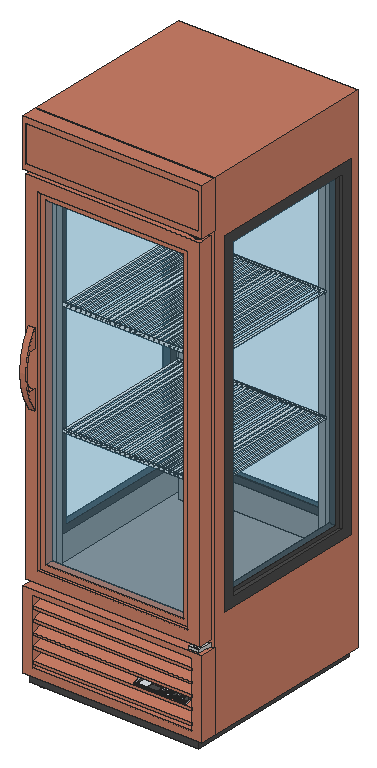
Revit family "QF_TRUE_G4SM-23FC-HC~TSL01", category Specialty Equipment, Revit 2016
Family settings
  Part Type = Normal
  Round Connector Dimension = Use Diameter
  Work Plane-Based = No
  Always vertical = Yes
  Cut with Voids When Loaded = No
  Shared = Yes
  Room Calculation Point = No
Parameters (values of type "G4SM-23FC-HC-TSL01")
  Weight in Pounds = 375
  Watts = Volts * FL Amps  # 621 W
  Volts = 115 V
  URL Cutsheet = ""
  URL = ""
  Type Comments = ""
  Specification by User = ""
  Specification by Manufacturer = ""
  Show Logo [instance] = yes
  Show Default Legs [instance] = if(or(Show 6 Inches Standard Legs, Show 2.5 Inches Castors), or(Show 4 Inches Castors, and(Show 6 Inches Standard Legs, Show 2.5 Inches Castors), and(Show 2.5 Inches Castors, Show 6 Inches Seismic Flanged Legs)), if(Show 4 Inches Castors, Show 6 Inches Seismic Flanged Legs, not(Show 6 Inches Seismic Flanged Legs)))  # yes
  Show Clearance [instance] = yes
  Show 6 Inches Standard Legs [instance] = no
  Show 6 Inches Seismic Flanged Legs [instance] = no
  Show 4 Inches Castors [instance] = no
  Show 2.5 Inches Castors [instance] = no
  Serial Number = ""
  Seismic Rating = ""
  SMACNA No = ""
  Revision Code = ""
  Phase = 1
  Number of Poles = 1
  NAFEM Spec ID Number = ""
  Model = "G4SM-23FC-HC~TSL01"
  Min Ckt Ampacity = 0 A
  Max Overcurrent Protection = 0 A
  Materials and Finishes [instance] = QF_Aluminum-Copper
  Masterspec = ""
  Manufacturer = "TRUE"
  Length = 27 1/2"
  Item Number = ""
  Installed By = ""
  Identify Quantity as Lot = yes
  Height [instance] = Body Height + Base Height  # 78 5/8"
  HP = "1/3"
  Furnished By = ""
  Foodservice Equipment Identifier = yes
  FL Amps = 5.4 A
  Electrical Remarks = ""
  Electric Connection Type = ""
  Elec Conn RI Height = 0"
  Elec Conn Connection Height = 0"
  Description = "SWING DOOR REFRIGERATOR WITH HYDROCARBON REFRIGERANT-TRUE STANDARD LOOK VERSION 01"
  Depth = 30 1/8"
  Cycle = 60 Hz
  Conn Plug = "NEMA 5-15P"
  Conn Conduit = yes
  CSI MasterFormat = ""
  Body Height [instance] = 78 5/16"  # constant formula
  Base Height [instance] = if(Show Default Legs, 5/16", if(Show 2.5 Inches Castors, 2 1/2", if(Show 6 Inches Standard Legs, 6", if(Show 4 Inches Castors, 4", if(Show 6 Inches Seismic Flanged Legs, 6", 5" / 16)))))  # 5/16"
  Apparent Power = 0 VA
  6 Inches Standard Legs [instance] = and(Show 6 Inches Standard Legs, not(Show Default Legs))  # no
  6 Inches Seismic Flanged Legs [instance] = and(Show 6 Inches Seismic Flanged Legs, not(Show Default Legs))  # no
  4 Inches Castors [instance] = and(Show 4 Inches Castors, not(Show Default Legs))  # no
  2.5 Inches Casters [instance] = and(Show 2.5 Inches Castors, not(Show Default Legs))  # no
Reference planes (in)
  plane 1 "BACK": y = 0.28125
  plane 2: z = 0
  plane 3 "LEFT": x = -0.5
  plane 4 "RIGHT": x = 27
  plane 5 "FRONT": y = -31.46875
  plane 6 "Top": z = 78.625
  plane 7: z = 0.3125
  plane 8: y = -15.59375
  plane 9: x = 13.25
Dimensions and locks (in)
  plane 1 "BACK" to plane 5 "FRONT" = 31 3/4"
  plane 5 "FRONT" to plane 1 "BACK" = 31 3/4"
  "Base Height": plane 7 to level
  "Depth": nested 1 to plane 1 "BACK"
  "Length": plane 3 "LEFT" to plane 4 "RIGHT"
  "Body Height": plane 6 "Top" to plane 7
  nested 1 to plane 7 = 1 3/8"
  equal spacing: plane 5 "FRONT", plane 8, plane 1 "BACK"
  equal spacing: plane 3 "LEFT", plane 9, plane 4 "RIGHT"
  plane 6 "Top" to level = 78 5/8"
  aligned and locked: level to plane 2
  aligned and locked: plane 4 "RIGHT" to nested 1
  aligned and locked: nested 1 to plane 7
Nested families (in)
  nested 1: "G4SM-23FC-HC-TSL01" at (-0.5, -6.5, 0), Show Logo <- "Show Logo", Show Default Legs <- "Show Default Legs", Show Clearance <- "Show Clearance", Materials and Finishes <- "Materials and Finishes", type "G4SM-23FC-HC-TSL01"
    with Type Mark "1", Specification by User "", Show Logo yes, Show Default Legs yes, Show Clearance yes, Revision Code "", Materials and Finishes QF_Aluminum-Copper, Item Number "", Installed By "", Identify Quantity as Lot yes, Furnished By "", Foodservice Equipment Identifier yes
  nested 2: "CASTER-LEGS" at (2.25, -2.25, 0), Show Siesmic Flanged <- "Show 6 Inches Seismic Flanged Legs", Show 6 Inches Legs <- "Show 6 Inches Standard Legs", Show 2.5 Casters <- "Show 2.5 Inches Castors", Show 4" Casters <- "Show 4 Inches Castors", type "CASTER-LEGS"
    with Type Mark "", Status "", Specification by User "", Show Siesmic Flanged no, Show 6 Inches Legs no, Show 4" Casters no, Show 2.5 Casters no, Revision Code "", Low Profile yes, Item Number "", Installed By "", Identify Quantity as Lot yes, Furnished By "", Foodservice Equipment Identifier yes
  nested 3: "CASTER-LEGS" at (24.25, -2.25, 0), Show Siesmic Flanged <- "Show 6 Inches Seismic Flanged Legs", Show 6 Inches Legs <- "Show 6 Inches Standard Legs", Show 2.5 Casters <- "Show 2.5 Inches Castors", Show 4" Casters <- "Show 4 Inches Castors", type "CASTER-LEGS"
    with Type Mark "", Status "", Specification by User "", Show Siesmic Flanged no, Show 6 Inches Legs no, Show 4" Casters no, Show 2.5 Casters no, Revision Code "", Low Profile yes, Item Number "", Installed By "", Identify Quantity as Lot yes, Furnished By "", Foodservice Equipment Identifier yes
  nested 4: "CASTER-LEGS" at (24.25, -27.11908, 0), Show Siesmic Flanged <- "Show 6 Inches Seismic Flanged Legs", Show 6 Inches Legs <- "Show 6 Inches Standard Legs", Show 2.5 Casters <- "2.5 Inches Casters", Show 4" Casters <- "Show 4 Inches Castors", type "CASTER-LEGS"
    with Type Mark "", Status "", Specification by User "", Show Siesmic Flanged no, Show 6 Inches Legs no, Show 4" Casters no, Show 2.5 Casters no, Revision Code "", Low Profile yes, Item Number "", Installed By "", Identify Quantity as Lot yes, Furnished By "", Foodservice Equipment Identifier yes
  nested 5: "CASTER-LEGS" at (2.25, -27.11908, 0), Show Siesmic Flanged <- "6 Inches Seismic Flanged Legs", Show 6 Inches Legs <- "6 Inches Standard Legs", Show 2.5 Casters <- "Show 2.5 Inches Castors", Show 4" Casters <- "4 Inches Castors", type "CASTER-LEGS"
    with Type Mark "", Status "", Specification by User "", Show Siesmic Flanged no, Show 6 Inches Legs no, Show 4" Casters no, Show 2.5 Casters no, Revision Code "", Low Profile yes, Item Number "", Installed By "", Identify Quantity as Lot yes, Furnished By "", Foodservice Equipment Identifier yes
Connectors (in)
  electrical at (18.5, 0.34375, 6)
    settings: on nested 1, index 1, voltage 0 V, apparent load 0 VA, apparent load phase1 0 VA, apparent load phase2 0 VA, apparent load phase3 0 VA, power factor 1, load classification "Other", number of poles 1, system type 30, power factor state 1, is connector primary yes, connector utility no, sub classification motor no, connector description "Electrical Connection"
Definition of nested family "G4SM-23FC-HC-TSL01"
  Parameters (values of type "G4SM-23FC-HC-TSL01")
    URL = ""
    Type Mark [instance] = ""
    Type Comments = ""
    Specification by User [instance] = ""
    Specification by Manufacturer = ""
    Show Logo [instance] = yes
    Show Default Legs [instance] = yes
    Show Clearance [instance] = yes
    Serial Number = ""
    Seismic Rating = ""
    SMACNA No = ""
    Revision Code [instance] = ""
    Omniclass Number and Title = ""
    NAFEM Spec ID Number = ""
    Model = ""
    Materials and Finishes [instance] = none
    MasterSpec. = ""
    Manufacturer = ""
    Item Number [instance] = ""
    Installed By [instance] = ""
    Identify Quantity as Lot [instance] = yes
    Furnished By [instance] = ""
    Foodservice Equipment Identifier [instance] = yes
    Description = ""
    CSI MasterFormat = ""
    CSI Master Format = ""
    Assembly Code = ""
  Reference planes (in)
    plane 1 "BACK": y = 6.78125
    plane 2: z = 0
    plane 3 "LEFT": x = 0
    plane 4 "RIGHT": x = 27.5
    plane 5 "FRONT": y = -24.96875
    plane 6 "Top": z = 78.625
    plane 7: z = 2.1875
    plane 8: y = -23.34375
    plane 9: y = -33.92295
    plane 10: z = 49.9783
    plane 11: z = 38.44379
    plane 12: y = -8.28125
    plane 13: z = 68.91173
    plane 14: z = 16.5625
    plane 15: z = 34.01217
    plane 16: z = 51.46206
    plane 17: x = 13.75
    plane 18: x = 13.75
    plane 19: x = 13.75
    plane 20: x = 13.75
    plane 21: x = 13.75
    plane 22: x = 13.75
    plane 23: y = -48.34375
    plane 24: x = 13.75
  Forms (in)
    Extrusion 1, solid, material <- "Materials and Finishes"
      sketch origin (0, 0, 0) x (1, 0, 0) y (0, 0, 1)
        loop
          line (0, 78.625) -> (0, 1.6875) -> (27.5, 1.6875) -> (27.5, 78.625) -> (0, 78.625)
        loop
          line (1.3125, 70.66173) -> (1.3125, 14.8125) -> (26.1875, 14.8125) -> (26.1875, 70.66173) -> (1.3125, 70.66173)
      from -6.78125 to 20.84375
    Extrusion 2, solid
      sketch origin (0, -24.40625, 0) x (1, 0, 0) y (0, 0, 1)
        loop
          line (0.5, 1.6875) -> (0.5, 0.3125) -> (26.5, 0.3125) -> (26.5, 1.6875) -> (0.5, 1.6875)
      from -30.65625 to -1.7825
    Extrusion 3, void
      sketch origin (0, 0, 2.9375) x (0, 0, -1) y (0, 1, 0)
        loop
          line (-65.97423, -18.03125) -> (-15.97423, -18.03125) -> (-15.97423, 4.25) -> (-65.97423, 4.25) -> (-65.97423, -18.03125)
      from 0 to 27.5
    Sweep 4, solid
      path in 3D
        loop
          line (1.3125, 4.25, 18.91173) -> (1.3125, 4.25, 68.91173) -> (1.3125, -18.03125, 68.91173) -> (1.3125, -18.03125, 18.91173) -> (1.3125, 4.25, 18.91173)
      profile origin (1.3125, -6.89062, 18.91173) x (-1, 0, 0) y (0, 0, 1)
        loop
          line (-0.1875, 0) -> (1.3125, 0) -> (1.3125, -1) -> (1.4375, -1) -> (1.4375, 0.5) -> (0.8125, 0.5) -> (0.8125, 1) -> (-0.1875, 1) -> (-0.1875, 0)
    Extrusion 5, solid
      sketch origin (0, 0, 0) x (1, 0, 0) y (0, 1, 0)
        loop
          line (2.49362, 4.53443) -> (2.49362, 3.53443) -> (3.49362, 3.53443) -> (3.49362, 4.53443) -> (2.49362, 4.53443)
        loop
          line (25.17826, 4.53443) -> (24.17826, 4.53443) -> (24.17826, 3.53443) -> (25.17826, 3.53443) -> (25.17826, 4.53443)
        loop
          line (1.3125, -19.69067) -> (2.3125, -19.69067) -> (2.3125, -18.69067) -> (1.3125, -18.69067) -> (1.3125, -19.69067)
        loop
          line (26.1875, -19.69067) -> (26.1875, -18.69067) -> (25.1875, -18.69067) -> (25.1875, -19.69067) -> (26.1875, -19.69067)
      from 14.8125 to 70.66173
    Extrusion 6, solid
      sketch origin (0, 0, 2.9375) x (0, 0, 1) y (0, 1, 0)
        loop
          line (64.97423, 3.25) -> (16.97423, 3.25) -> (16.97423, -17.03125) -> (64.97423, -17.03125) -> (64.97423, 3.25)
      from -1.5 to -0.5
    Extrusion 7, solid
      sketch origin (0, 6.78125, 0) x (-1, 0, 0) y (0, 0, 1)
        loop
          line (-22.6875, 67.91173) -> (-22.6875, 19.91173) -> (-4.8125, 19.91173) -> (-4.8125, 67.91173) -> (-22.6875, 67.91173)
      from -1.3125 to -0.5
    Extrusion 8, solid, material <- "Materials and Finishes"
      sketch origin (0, 7.03125, 0) x (1, 0, 0) y (0, 0, 1)
        loop
          line (1.3125, 70.66173) -> (1.3125, 14.8125) -> (26.1875, 14.8125) -> (26.1875, 70.66173) -> (1.3125, 70.66173)
        loop
          line (3.8125, 68.91173) -> (3.8125, 18.91173) -> (23.6875, 18.91173) -> (23.6875, 68.91173) -> (3.8125, 68.91173)
      from 0.25 to 1.5625
    Sweep 9, solid
      path in 3D
        loop
          line (3.8125, 5.46875, 18.91173) -> (3.8125, 5.46875, 68.91173) -> (23.6875, 5.46875, 68.91173) -> (23.6875, 5.46875, 18.91173) -> (3.8125, 5.46875, 18.91173)
      profile origin (13.75, 5.46875, 18.91173) x (0, -1, 0) y (0, 0, 1)
        loop
          line (0.1875, 0) -> (0.1875, 1) -> (-0.8125, 1) -> (-0.8125, 0.5) -> (-1.4375, 0.5) -> (-1.4375, -1) -> (-1.3125, -1) -> (-1.3125, 0) -> (0.1875, 0)
    Sweep 10, solid
      path in 3D
        loop
          line (26.1875, 4.25, 18.91173) -> (26.1875, 4.25, 68.91173) -> (26.1875, -18.03125, 68.91173) -> (26.1875, -18.03125, 18.91173) -> (26.1875, 4.25, 18.91173)
      profile origin (26.1875, -6.89062, 18.91173) x (-1, 0, 0) y (0, 0, 1)
        loop
          line (0.1875, 0) -> (0.1875, 1) -> (-0.8125, 1) -> (-0.8125, 0.5) -> (-1.4375, 0.5) -> (-1.4375, -1) -> (-1.3125, -1) -> (-1.3125, 0) -> (0.1875, 0)
    Extrusion 11, solid
      sketch origin (28, 0, 2.9375) x (0, 0, 1) y (0, -1, 0)
        loop
          line (64.97423, -3.25) -> (64.97423, 17.03125) -> (16.97423, 17.03125) -> (16.97423, -3.25) -> (64.97423, -3.25)
      from -2 to -1
    Extrusion 12, solid, material <- "Materials and Finishes"
      sketch origin (65.75, 6.84375, -53.3125) x (-1, 0, 0) y (0, 0, -1)
        loop
          circle (52, -61.03125) r 0.25
      from 0 to 0.0625
    Extrusion 13, solid, material <- "Materials and Finishes"
      sketch origin (0, -20.84375, 0) x (1, 0, 0) y (0, 0, 1)
        loop
          line (27.5, 13.75) -> (0, 13.75) -> (0, 1.6875) -> (27.5, 1.6875) -> (27.5, 13.75)
        loop
          line (1.5, 13) -> (1.5, 2.9375) -> (26, 2.9375) -> (26, 13) -> (1.5, 13)
        loop
          line (0.375, 72.12512) -> (27.125, 72.12512) -> (27.125, 77.875) -> (0.375, 77.875) -> (0.375, 72.12512)
        loop
          line (27.5, 78.625) -> (0, 78.625) -> (0, 71.37512) -> (27.5, 71.37512) -> (27.5, 78.625)
      from 0 to 2.5
    Extrusion 14, solid, visible <- "Show Clearance", detail levels coarse
      sketch origin (21.9932, -38.38414, 0) x (-1, 0, 0) y (0, -1, 0)
        loop
          arc (21.6179, -15.16539) -> (13.23004, 2.70658) -> (-5.1318, 9.95961) r 26.7538
          line (-5.1318, 9.95961) -> (-5.1318, -15.16539) -> (21.6179, -15.16539)
      from 14.8125 to 70.66173
    Extrusion 15, solid, material <- "Materials and Finishes"
      sketch origin (0, -0.21875, 1.875) x (0, 1, 0) y (0, 0, 1)
        loop
          line (-20.625, 2.56553) -> (-20.625, 10.52178) -> (-23.125, 9.6407) -> (-23.125, 9.25512) -> (-21.16746, 9.94502) -> (-21.16746, 8.49996) -> (-23.125, 7.81006) -> (-23.125, 7.42448) -> (-21.16746, 8.11439) -> (-21.16746, 6.66933) -> (-23.125, 5.97943) -> (-23.125, 5.59385) -> (-21.16746, 6.28375) -> (-21.16746, 4.83869) -> (-23.125, 4.14879) -> (-23.125, 3.76321) -> (-21.16746, 4.45312) -> (-21.16746, 2.75993) -> (-23.125, 2.07003) -> (-23.125, 1.68445) -> (-20.625, 2.56553)
      from 1.5 to 26
    Extrusion 16, solid, material <- "Materials and Finishes"
      sketch origin (-25.125, 10.53125, -0.71875) x (1, 0, 0) y (0, 0, 1)
        loop
          line (25.5, 71.38048) -> (25.5, 15.53125) -> (52.25, 15.53125) -> (52.25, 71.38048) -> (25.5, 71.38048)
        loop
          line (27.25, 69.63048) -> (27.25, 17.28125) -> (50.5, 17.28125) -> (50.5, 69.63048) -> (27.25, 69.63048)
      from 31.641 to 33.75
    Extrusion 17, solid
      sketch origin (0, -0.09473, 0) x (1, 0, 0) y (0, 0, 1)
        loop
          line (3.125, 17.5625) -> (24.375, 17.5625) -> (24.375, 67.91173) -> (3.125, 67.91173) -> (3.125, 17.5625)
      from 21.62954 to 22.68087
    Extrusion 18, solid, material <- "Materials and Finishes"
      sketch origin (-25.125, -23.21875, -0.71875) x (1, 0, 0) y (0, 0, 1)
        loop
          line (27.25, 69.63048) -> (27.25, 17.28125) -> (50.5, 17.28125) -> (50.5, 69.63048) -> (27.25, 69.63048)
        loop
          line (28.25, 68.63048) -> (28.25, 18.28125) -> (49.5, 18.28125) -> (49.5, 68.63048) -> (28.25, 68.63048)
      from -1.49448 to -0.44315
    Extrusion 19, solid
      sketch origin (2.39022, -0.03125, 7.37512) x (1, 0, 0) y (0, 1, 0)
        loop
          line (23.02382, -20.8125) -> (23.02382, -22.88338) -> (24.4375, -22.88338) -> (24.4375, -20.8125) -> (23.02382, -20.8125)
      from 63.59911 to 64
    Extrusion 20, solid
      sketch origin (2.39022, -0.10938, 58.46661) x (1, 0, 0) y (0, 1, 0)
        loop
          circle (23.79728, -22.15971) r 0.5
      from 12.19512 to 12.50762
    Extrusion 21, solid
      sketch origin (2.39022, -0.21875, 2.4375) x (0, 1, 0) y (0, 0, 1)
        loop
          line (-20.79736, 11.3125) -> (-20.79736, 11.88262) -> (-23.04736, 11.88262) -> (-23.04736, 11.47736) -> (-21.29736, 11.47736) -> (-21.29736, 11.3125) -> (-20.79736, 11.3125)
      from 23.06646 to 24.65563
    Extrusion 22, solid
      sketch origin (2.39022, -0.21875, 2.4375) x (1, 0, 0) y (0, 1, 0)
        loop
          circle (23.79728, -22.15971) r 0.5
      from 11.88262 to 12.375
    Extrusion 23, solid, material <- "Materials and Finishes"
      sketch origin (0.82942, -180, 49.9783) x (0, 0, -1) y (0, -1, 0)
        loop
          line (0, -156.78125) -> (3, -156.78125) -> (3, -155.6661)
          arc (3, -155.6661) -> (5.76725, -155.28061) -> (8.53451, -155.6661) r 10.12503
          line (8.53451, -155.6661) -> (8.53451, -156.78125) -> (11.53451, -156.78125)
          arc (11.53451, -156.78125) -> (5.76725, -155.03061) -> (0, -156.78125) r 10.37503
      from 0 to -0.84676
    Extrusion 24, solid, visible <- "Show Default Legs"
      sketch origin (0, 0, 0) x (1, 0, 0) y (0, 1, 0)
        loop
          circle (2.00942, 4.93788) r 0.75
        loop
          circle (24.99058, 4.93788) r 0.75
        loop
          circle (2.00942, -21.50038) r 0.75
        loop
          circle (24.99058, -21.50038) r 0.75
      from 0 to 0.3125
    Extrusion 25, solid, not visible
      sketch origin (26.1875, -18.69067, 38.44379) x (-1, 0, 0) y (0, 0, -1)
        loop
          line (23.875, 0.5) -> (1.00924, 0.5) -> (1.00924, 0) -> (23.875, 0) -> (23.875, 0.5)
        loop
          line (12.71602, 0.14812) -> (12.71602, 0.35188) -> (12.15898, 0.35188) -> (12.15898, 0.14812) -> (12.71602, 0.14812)
        loop
          line (13.46602, 0.14812) -> (13.46602, 0.35188) -> (12.90898, 0.35188) -> (12.90898, 0.14812) -> (13.46602, 0.14812)
        loop
          line (14.21602, 0.14812) -> (14.21602, 0.35188) -> (13.65898, 0.35188) -> (13.65898, 0.14812) -> (14.21602, 0.14812)
        loop
          line (14.96602, 0.14812) -> (14.96602, 0.35188) -> (14.40898, 0.35188) -> (14.40898, 0.14812) -> (14.96602, 0.14812)
        loop
          line (15.71602, 0.14812) -> (15.71602, 0.35188) -> (15.15898, 0.35188) -> (15.15898, 0.14812) -> (15.71602, 0.14812)
        loop
          line (16.46602, 0.14812) -> (16.46602, 0.35188) -> (15.90898, 0.35188) -> (15.90898, 0.14812) -> (16.46602, 0.14812)
        loop
          line (17.21602, 0.14812) -> (17.21602, 0.35188) -> (16.65898, 0.35188) -> (16.65898, 0.14812) -> (17.21602, 0.14812)
        loop
          line (17.96602, 0.14812) -> (17.96602, 0.35188) -> (17.40898, 0.35188) -> (17.40898, 0.14812) -> (17.96602, 0.14812)
        loop
          line (18.71602, 0.14812) -> (18.71602, 0.35188) -> (18.15898, 0.35188) -> (18.15898, 0.14812) -> (18.71602, 0.14812)
        loop
          line (19.46602, 0.14812) -> (19.46602, 0.35188) -> (18.90898, 0.35188) -> (18.90898, 0.14812) -> (19.46602, 0.14812)
        loop
          line (20.21602, 0.14812) -> (20.21602, 0.35188) -> (19.65898, 0.35188) -> (19.65898, 0.14812) -> (20.21602, 0.14812)
        loop
          line (20.96602, 0.14812) -> (20.96602, 0.35188) -> (20.40898, 0.35188) -> (20.40898, 0.14812) -> (20.96602, 0.14812)
        loop
          line (21.71602, 0.14812) -> (21.71602, 0.35188) -> (21.15898, 0.35188) -> (21.15898, 0.14812) -> (21.71602, 0.14812)
        loop
          line (22.46602, 0.14812) -> (22.46602, 0.35188) -> (21.90898, 0.35188) -> (21.90898, 0.14812) -> (22.46602, 0.14812)
        loop
          line (23.21602, 0.14812) -> (23.21602, 0.35188) -> (22.65898, 0.35188) -> (22.65898, 0.14812) -> (23.21602, 0.14812)
        loop
          line (11.40898, 0.14812) -> (11.96602, 0.14812) -> (11.96602, 0.35188) -> (11.40898, 0.35188) -> (11.40898, 0.14812)
        loop
          line (10.65898, 0.14812) -> (11.21602, 0.14812) -> (11.21602, 0.35188) -> (10.65898, 0.35188) -> (10.65898, 0.14812)
        loop
          line (9.90898, 0.14812) -> (10.46602, 0.14812) -> (10.46602, 0.35188) -> (9.90898, 0.35188) -> (9.90898, 0.14812)
        loop
          line (9.15898, 0.14812) -> (9.71602, 0.14812) -> (9.71602, 0.35188) -> (9.15898, 0.35188) -> (9.15898, 0.14812)
        loop
          line (8.40898, 0.14812) -> (8.96602, 0.14812) -> (8.96602, 0.35188) -> (8.40898, 0.35188) -> (8.40898, 0.14812)
        loop
          line (7.65898, 0.14812) -> (8.21602, 0.14812) -> (8.21602, 0.35188) -> (7.65898, 0.35188) -> (7.65898, 0.14812)
        loop
          line (6.90898, 0.14812) -> (7.46602, 0.14812) -> (7.46602, 0.35188) -> (6.90898, 0.35188) -> (6.90898, 0.14812)
        loop
          line (6.15898, 0.14812) -> (6.71602, 0.14812) -> (6.71602, 0.35188) -> (6.15898, 0.35188) -> (6.15898, 0.14812)
        loop
          line (5.40898, 0.14812) -> (5.96602, 0.14812) -> (5.96602, 0.35188) -> (5.40898, 0.35188) -> (5.40898, 0.14812)
        loop
          line (4.65898, 0.14812) -> (5.21602, 0.14812) -> (5.21602, 0.35188) -> (4.65898, 0.35188) -> (4.65898, 0.14812)
        loop
          line (3.90898, 0.14812) -> (4.46602, 0.14812) -> (4.46602, 0.35188) -> (3.90898, 0.35188) -> (3.90898, 0.14812)
        loop
          line (3.15898, 0.14812) -> (3.71602, 0.14812) -> (3.71602, 0.35188) -> (3.15898, 0.35188) -> (3.15898, 0.14812)
        loop
          line (2.40898, 0.14812) -> (2.96602, 0.14812) -> (2.96602, 0.35188) -> (2.40898, 0.35188) -> (2.40898, 0.14812)
        loop
          line (1.65898, 0.14812) -> (2.21602, 0.14812) -> (2.21602, 0.35188) -> (1.65898, 0.35188) -> (1.65898, 0.14812)
      from 0 to -0.125
    Extrusion 26, solid, not visible
      sketch origin (26.1875, 3.53443, 38.44379) x (-1, 0, 0) y (0, 0, 1)
        loop
          line (23.875, -0.5) -> (23.875, 0) -> (1.00924, 0) -> (1.00924, -0.5) -> (23.875, -0.5)
        loop
          line (12.71602, -0.14812) -> (12.15898, -0.14812) -> (12.15898, -0.35188) -> (12.71602, -0.35188) -> (12.71602, -0.14812)
        loop
          line (13.46602, -0.14812) -> (12.90898, -0.14812) -> (12.90898, -0.35188) -> (13.46602, -0.35188) -> (13.46602, -0.14812)
        loop
          line (14.21602, -0.14812) -> (13.65898, -0.14812) -> (13.65898, -0.35188) -> (14.21602, -0.35188) -> (14.21602, -0.14812)
        loop
          line (14.96602, -0.14812) -> (14.40898, -0.14812) -> (14.40898, -0.35188) -> (14.96602, -0.35188) -> (14.96602, -0.14812)
        loop
          line (15.71602, -0.14812) -> (15.15898, -0.14812) -> (15.15898, -0.35188) -> (15.71602, -0.35188) -> (15.71602, -0.14812)
        loop
          line (16.46602, -0.14812) -> (15.90898, -0.14812) -> (15.90898, -0.35188) -> (16.46602, -0.35188) -> (16.46602, -0.14812)
        loop
          line (17.21602, -0.14812) -> (16.65898, -0.14812) -> (16.65898, -0.35188) -> (17.21602, -0.35188) -> (17.21602, -0.14812)
        loop
          line (17.96602, -0.14812) -> (17.40898, -0.14812) -> (17.40898, -0.35188) -> (17.96602, -0.35188) -> (17.96602, -0.14812)
        loop
          line (18.71602, -0.14812) -> (18.15898, -0.14812) -> (18.15898, -0.35188) -> (18.71602, -0.35188) -> (18.71602, -0.14812)
        loop
          line (19.46602, -0.14812) -> (18.90898, -0.14812) -> (18.90898, -0.35188) -> (19.46602, -0.35188) -> (19.46602, -0.14812)
        loop
          line (20.21602, -0.14812) -> (19.65898, -0.14812) -> (19.65898, -0.35188) -> (20.21602, -0.35188) -> (20.21602, -0.14812)
        loop
          line (20.96602, -0.14812) -> (20.40898, -0.14812) -> (20.40898, -0.35188) -> (20.96602, -0.35188) -> (20.96602, -0.14812)
        loop
          line (21.71602, -0.14812) -> (21.15898, -0.14812) -> (21.15898, -0.35188) -> (21.71602, -0.35188) -> (21.71602, -0.14812)
        loop
          line (22.46602, -0.14812) -> (21.90898, -0.14812) -> (21.90898, -0.35188) -> (22.46602, -0.35188) -> (22.46602, -0.14812)
        loop
          line (23.21602, -0.14812) -> (22.65898, -0.14812) -> (22.65898, -0.35188) -> (23.21602, -0.35188) -> (23.21602, -0.14812)
        loop
          line (11.40898, -0.14812) -> (11.40898, -0.35188) -> (11.96602, -0.35188) -> (11.96602, -0.14812) -> (11.40898, -0.14812)
        loop
          line (10.65898, -0.14812) -> (10.65898, -0.35188) -> (11.21602, -0.35188) -> (11.21602, -0.14812) -> (10.65898, -0.14812)
        loop
          line (9.90898, -0.14812) -> (9.90898, -0.35188) -> (10.46602, -0.35188) -> (10.46602, -0.14812) -> (9.90898, -0.14812)
        loop
          line (9.15898, -0.14812) -> (9.15898, -0.35188) -> (9.71602, -0.35188) -> (9.71602, -0.14812) -> (9.15898, -0.14812)
        loop
          line (8.40898, -0.14812) -> (8.40898, -0.35188) -> (8.96602, -0.35188) -> (8.96602, -0.14812) -> (8.40898, -0.14812)
        loop
          line (7.65898, -0.14812) -> (7.65898, -0.35188) -> (8.21602, -0.35188) -> (8.21602, -0.14812) -> (7.65898, -0.14812)
        loop
          line (6.90898, -0.14812) -> (6.90898, -0.35188) -> (7.46602, -0.35188) -> (7.46602, -0.14812) -> (6.90898, -0.14812)
        loop
          line (6.15898, -0.14812) -> (6.15898, -0.35188) -> (6.71602, -0.35188) -> (6.71602, -0.14812) -> (6.15898, -0.14812)
        loop
          line (5.40898, -0.14812) -> (5.40898, -0.35188) -> (5.96602, -0.35188) -> (5.96602, -0.14812) -> (5.40898, -0.14812)
        loop
          line (4.65898, -0.14812) -> (4.65898, -0.35188) -> (5.21602, -0.35188) -> (5.21602, -0.14812) -> (4.65898, -0.14812)
        loop
          line (3.90898, -0.14812) -> (3.90898, -0.35188) -> (4.46602, -0.35188) -> (4.46602, -0.14812) -> (3.90898, -0.14812)
        loop
          line (3.15898, -0.14812) -> (3.15898, -0.35188) -> (3.71602, -0.35188) -> (3.71602, -0.14812) -> (3.15898, -0.14812)
        loop
          line (2.40898, -0.14812) -> (2.40898, -0.35188) -> (2.96602, -0.35188) -> (2.96602, -0.14812) -> (2.40898, -0.14812)
        loop
          line (1.65898, -0.14812) -> (1.65898, -0.35188) -> (2.21602, -0.35188) -> (2.21602, -0.14812) -> (1.65898, -0.14812)
      from 0 to -0.125
    Extrusion 27, solid, not visible
      sketch origin (26.1875, -18.56567, 38.44379) x (1, 0, 0) y (0, 0, -1)
        loop
          circle (-12.44212, 0.375) r 0.125
        loop
          circle (-13.19212, 0.375) r 0.125
        loop
          circle (-13.94212, 0.375) r 0.125
        loop
          circle (-14.69212, 0.375) r 0.125
        loop
          circle (-15.44212, 0.375) r 0.125
        loop
          circle (-16.19212, 0.375) r 0.125
        loop
          circle (-16.94212, 0.375) r 0.125
        loop
          circle (-17.69212, 0.375) r 0.125
        loop
          circle (-18.44212, 0.375) r 0.125
        loop
          circle (-19.19212, 0.375) r 0.125
        loop
          circle (-19.94212, 0.375) r 0.125
        loop
          circle (-20.69212, 0.375) r 0.125
        loop
          circle (-21.44212, 0.375) r 0.125
        loop
          circle (-22.19212, 0.375) r 0.125
        loop
          circle (-22.94212, 0.375) r 0.125
        loop
          circle (-11.68288, 0.375) r 0.125
        loop
          circle (-10.93288, 0.375) r 0.125
        loop
          circle (-10.18288, 0.375) r 0.125
        loop
          circle (-9.43288, 0.375) r 0.125
        loop
          circle (-8.68288, 0.375) r 0.125
        loop
          circle (-7.93288, 0.375) r 0.125
        loop
          circle (-7.18288, 0.375) r 0.125
        loop
          circle (-6.43288, 0.375) r 0.125
        loop
          circle (-5.68288, 0.375) r 0.125
        loop
          circle (-4.93288, 0.375) r 0.125
        loop
          circle (-4.18288, 0.375) r 0.125
        loop
          circle (-3.43288, 0.375) r 0.125
        loop
          circle (-2.68288, 0.375) r 0.125
        loop
          circle (-1.93288, 0.375) r 0.125
        loop
          circle (-23.75, 0.375) r 0.125
        loop
          circle (-1.13424, 0.375) r 0.125
      from 0 to 21.9751
    Extrusion 28, solid
      sketch origin (26.1875, -18.69067, 51.71206) x (-1, 0, 0) y (0, 0, -1)
        loop
          line (23.875, 0.5) -> (1.00924, 0.5) -> (1.00924, 0) -> (23.875, 0) -> (23.875, 0.5)
        loop
          line (12.71602, 0.14812) -> (12.71602, 0.35188) -> (12.15898, 0.35188) -> (12.15898, 0.14812) -> (12.71602, 0.14812)
        loop
          line (13.46602, 0.14812) -> (13.46602, 0.35188) -> (12.90898, 0.35188) -> (12.90898, 0.14812) -> (13.46602, 0.14812)
        loop
          line (14.21602, 0.14812) -> (14.21602, 0.35188) -> (13.65898, 0.35188) -> (13.65898, 0.14812) -> (14.21602, 0.14812)
        loop
          line (14.96602, 0.14812) -> (14.96602, 0.35188) -> (14.40898, 0.35188) -> (14.40898, 0.14812) -> (14.96602, 0.14812)
        loop
          line (15.71602, 0.14812) -> (15.71602, 0.35188) -> (15.15898, 0.35188) -> (15.15898, 0.14812) -> (15.71602, 0.14812)
        loop
          line (16.46602, 0.14812) -> (16.46602, 0.35188) -> (15.90898, 0.35188) -> (15.90898, 0.14812) -> (16.46602, 0.14812)
        loop
          line (17.21602, 0.14812) -> (17.21602, 0.35188) -> (16.65898, 0.35188) -> (16.65898, 0.14812) -> (17.21602, 0.14812)
        loop
          line (17.96602, 0.14812) -> (17.96602, 0.35188) -> (17.40898, 0.35188) -> (17.40898, 0.14812) -> (17.96602, 0.14812)
        loop
          line (18.71602, 0.14812) -> (18.71602, 0.35188) -> (18.15898, 0.35188) -> (18.15898, 0.14812) -> (18.71602, 0.14812)
        loop
          line (19.46602, 0.14812) -> (19.46602, 0.35188) -> (18.90898, 0.35188) -> (18.90898, 0.14812) -> (19.46602, 0.14812)
        loop
          line (20.21602, 0.14812) -> (20.21602, 0.35188) -> (19.65898, 0.35188) -> (19.65898, 0.14812) -> (20.21602, 0.14812)
        loop
          line (20.96602, 0.14812) -> (20.96602, 0.35188) -> (20.40898, 0.35188) -> (20.40898, 0.14812) -> (20.96602, 0.14812)
        loop
          line (21.71602, 0.14812) -> (21.71602, 0.35188) -> (21.15898, 0.35188) -> (21.15898, 0.14812) -> (21.71602, 0.14812)
        loop
          line (22.46602, 0.14812) -> (22.46602, 0.35188) -> (21.90898, 0.35188) -> (21.90898, 0.14812) -> (22.46602, 0.14812)
        loop
          line (23.21602, 0.14812) -> (23.21602, 0.35188) -> (22.65898, 0.35188) -> (22.65898, 0.14812) -> (23.21602, 0.14812)
        loop
          line (11.40898, 0.14812) -> (11.96602, 0.14812) -> (11.96602, 0.35188) -> (11.40898, 0.35188) -> (11.40898, 0.14812)
        loop
          line (10.65898, 0.14812) -> (11.21602, 0.14812) -> (11.21602, 0.35188) -> (10.65898, 0.35188) -> (10.65898, 0.14812)
        loop
          line (9.90898, 0.14812) -> (10.46602, 0.14812) -> (10.46602, 0.35188) -> (9.90898, 0.35188) -> (9.90898, 0.14812)
        loop
          line (9.15898, 0.14812) -> (9.71602, 0.14812) -> (9.71602, 0.35188) -> (9.15898, 0.35188) -> (9.15898, 0.14812)
        loop
          line (8.40898, 0.14812) -> (8.96602, 0.14812) -> (8.96602, 0.35188) -> (8.40898, 0.35188) -> (8.40898, 0.14812)
        loop
          line (7.65898, 0.14812) -> (8.21602, 0.14812) -> (8.21602, 0.35188) -> (7.65898, 0.35188) -> (7.65898, 0.14812)
        loop
          line (6.90898, 0.14812) -> (7.46602, 0.14812) -> (7.46602, 0.35188) -> (6.90898, 0.35188) -> (6.90898, 0.14812)
        loop
          line (6.15898, 0.14812) -> (6.71602, 0.14812) -> (6.71602, 0.35188) -> (6.15898, 0.35188) -> (6.15898, 0.14812)
        loop
          line (5.40898, 0.14812) -> (5.96602, 0.14812) -> (5.96602, 0.35188) -> (5.40898, 0.35188) -> (5.40898, 0.14812)
        loop
          line (4.65898, 0.14812) -> (5.21602, 0.14812) -> (5.21602, 0.35188) -> (4.65898, 0.35188) -> (4.65898, 0.14812)
        loop
          line (3.90898, 0.14812) -> (4.46602, 0.14812) -> (4.46602, 0.35188) -> (3.90898, 0.35188) -> (3.90898, 0.14812)
        loop
          line (3.15898, 0.14812) -> (3.71602, 0.14812) -> (3.71602, 0.35188) -> (3.15898, 0.35188) -> (3.15898, 0.14812)
        loop
          line (2.40898, 0.14812) -> (2.96602, 0.14812) -> (2.96602, 0.35188) -> (2.40898, 0.35188) -> (2.40898, 0.14812)
        loop
          line (1.65898, 0.14812) -> (2.21602, 0.14812) -> (2.21602, 0.35188) -> (1.65898, 0.35188) -> (1.65898, 0.14812)
      from 0 to -0.125
    Extrusion 29, solid
      sketch origin (26.1875, 3.53443, 51.71206) x (-1, 0, 0) y (0, 0, 1)
        loop
          line (23.875, -0.5) -> (23.875, 0) -> (1.00924, 0) -> (1.00924, -0.5) -> (23.875, -0.5)
        loop
          line (12.71602, -0.14812) -> (12.15898, -0.14812) -> (12.15898, -0.35188) -> (12.71602, -0.35188) -> (12.71602, -0.14812)
        loop
          line (13.46602, -0.14812) -> (12.90898, -0.14812) -> (12.90898, -0.35188) -> (13.46602, -0.35188) -> (13.46602, -0.14812)
        loop
          line (14.21602, -0.14812) -> (13.65898, -0.14812) -> (13.65898, -0.35188) -> (14.21602, -0.35188) -> (14.21602, -0.14812)
        loop
          line (14.96602, -0.14812) -> (14.40898, -0.14812) -> (14.40898, -0.35188) -> (14.96602, -0.35188) -> (14.96602, -0.14812)
        loop
          line (15.71602, -0.14812) -> (15.15898, -0.14812) -> (15.15898, -0.35188) -> (15.71602, -0.35188) -> (15.71602, -0.14812)
        loop
          line (16.46602, -0.14812) -> (15.90898, -0.14812) -> (15.90898, -0.35188) -> (16.46602, -0.35188) -> (16.46602, -0.14812)
        loop
          line (17.21602, -0.14812) -> (16.65898, -0.14812) -> (16.65898, -0.35188) -> (17.21602, -0.35188) -> (17.21602, -0.14812)
        loop
          line (17.96602, -0.14812) -> (17.40898, -0.14812) -> (17.40898, -0.35188) -> (17.96602, -0.35188) -> (17.96602, -0.14812)
        loop
          line (18.71602, -0.14812) -> (18.15898, -0.14812) -> (18.15898, -0.35188) -> (18.71602, -0.35188) -> (18.71602, -0.14812)
        loop
          line (19.46602, -0.14812) -> (18.90898, -0.14812) -> (18.90898, -0.35188) -> (19.46602, -0.35188) -> (19.46602, -0.14812)
        loop
          line (20.21602, -0.14812) -> (19.65898, -0.14812) -> (19.65898, -0.35188) -> (20.21602, -0.35188) -> (20.21602, -0.14812)
        loop
          line (20.96602, -0.14812) -> (20.40898, -0.14812) -> (20.40898, -0.35188) -> (20.96602, -0.35188) -> (20.96602, -0.14812)
        loop
          line (21.71602, -0.14812) -> (21.15898, -0.14812) -> (21.15898, -0.35188) -> (21.71602, -0.35188) -> (21.71602, -0.14812)
        loop
          line (22.46602, -0.14812) -> (21.90898, -0.14812) -> (21.90898, -0.35188) -> (22.46602, -0.35188) -> (22.46602, -0.14812)
        loop
          line (23.21602, -0.14812) -> (22.65898, -0.14812) -> (22.65898, -0.35188) -> (23.21602, -0.35188) -> (23.21602, -0.14812)
        loop
          line (11.40898, -0.14812) -> (11.40898, -0.35188) -> (11.96602, -0.35188) -> (11.96602, -0.14812) -> (11.40898, -0.14812)
        loop
          line (10.65898, -0.14812) -> (10.65898, -0.35188) -> (11.21602, -0.35188) -> (11.21602, -0.14812) -> (10.65898, -0.14812)
        loop
          line (9.90898, -0.14812) -> (9.90898, -0.35188) -> (10.46602, -0.35188) -> (10.46602, -0.14812) -> (9.90898, -0.14812)
        loop
          line (9.15898, -0.14812) -> (9.15898, -0.35188) -> (9.71602, -0.35188) -> (9.71602, -0.14812) -> (9.15898, -0.14812)
        loop
          line (8.40898, -0.14812) -> (8.40898, -0.35188) -> (8.96602, -0.35188) -> (8.96602, -0.14812) -> (8.40898, -0.14812)
        loop
          line (7.65898, -0.14812) -> (7.65898, -0.35188) -> (8.21602, -0.35188) -> (8.21602, -0.14812) -> (7.65898, -0.14812)
        loop
          line (6.90898, -0.14812) -> (6.90898, -0.35188) -> (7.46602, -0.35188) -> (7.46602, -0.14812) -> (6.90898, -0.14812)
        loop
          line (6.15898, -0.14812) -> (6.15898, -0.35188) -> (6.71602, -0.35188) -> (6.71602, -0.14812) -> (6.15898, -0.14812)
        loop
          line (5.40898, -0.14812) -> (5.40898, -0.35188) -> (5.96602, -0.35188) -> (5.96602, -0.14812) -> (5.40898, -0.14812)
        loop
          line (4.65898, -0.14812) -> (4.65898, -0.35188) -> (5.21602, -0.35188) -> (5.21602, -0.14812) -> (4.65898, -0.14812)
        loop
          line (3.90898, -0.14812) -> (3.90898, -0.35188) -> (4.46602, -0.35188) -> (4.46602, -0.14812) -> (3.90898, -0.14812)
        loop
          line (3.15898, -0.14812) -> (3.15898, -0.35188) -> (3.71602, -0.35188) -> (3.71602, -0.14812) -> (3.15898, -0.14812)
        loop
          line (2.40898, -0.14812) -> (2.40898, -0.35188) -> (2.96602, -0.35188) -> (2.96602, -0.14812) -> (2.40898, -0.14812)
        loop
          line (1.65898, -0.14812) -> (1.65898, -0.35188) -> (2.21602, -0.35188) -> (2.21602, -0.14812) -> (1.65898, -0.14812)
      from 0 to -0.125
    Extrusion 30, solid
      sketch origin (26.1875, -18.56567, 51.71206) x (1, 0, 0) y (0, 0, -1)
        loop
          circle (-12.44212, 0.375) r 0.125
        loop
          circle (-13.19212, 0.375) r 0.125
        loop
          circle (-13.94212, 0.375) r 0.125
        loop
          circle (-14.69212, 0.375) r 0.125
        loop
          circle (-15.44212, 0.375) r 0.125
        loop
          circle (-16.19212, 0.375) r 0.125
        loop
          circle (-16.94212, 0.375) r 0.125
        loop
          circle (-17.69212, 0.375) r 0.125
        loop
          circle (-18.44212, 0.375) r 0.125
        loop
          circle (-19.19212, 0.375) r 0.125
        loop
          circle (-19.94212, 0.375) r 0.125
        loop
          circle (-20.69212, 0.375) r 0.125
        loop
          circle (-21.44212, 0.375) r 0.125
        loop
          circle (-22.19212, 0.375) r 0.125
        loop
          circle (-22.94212, 0.375) r 0.125
        loop
          circle (-11.68288, 0.375) r 0.125
        loop
          circle (-10.93288, 0.375) r 0.125
        loop
          circle (-10.18288, 0.375) r 0.125
        loop
          circle (-9.43288, 0.375) r 0.125
        loop
          circle (-8.68288, 0.375) r 0.125
        loop
          circle (-7.93288, 0.375) r 0.125
        loop
          circle (-7.18288, 0.375) r 0.125
        loop
          circle (-6.43288, 0.375) r 0.125
        loop
          circle (-5.68288, 0.375) r 0.125
        loop
          circle (-4.93288, 0.375) r 0.125
        loop
          circle (-4.18288, 0.375) r 0.125
        loop
          circle (-3.43288, 0.375) r 0.125
        loop
          circle (-2.68288, 0.375) r 0.125
        loop
          circle (-1.93288, 0.375) r 0.125
        loop
          circle (-23.75, 0.375) r 0.125
        loop
          circle (-1.13424, 0.375) r 0.125
      from 0 to 21.9751
    Extrusion 31, solid
      sketch origin (26.1875, -18.69067, 34.26217) x (-1, 0, 0) y (0, 0, -1)
        loop
          line (23.875, 0.5) -> (1.00924, 0.5) -> (1.00924, 0) -> (23.875, 0) -> (23.875, 0.5)
        loop
          line (12.71602, 0.14812) -> (12.71602, 0.35188) -> (12.15898, 0.35188) -> (12.15898, 0.14812) -> (12.71602, 0.14812)
        loop
          line (13.46602, 0.14812) -> (13.46602, 0.35188) -> (12.90898, 0.35188) -> (12.90898, 0.14812) -> (13.46602, 0.14812)
        loop
          line (14.21602, 0.14812) -> (14.21602, 0.35188) -> (13.65898, 0.35188) -> (13.65898, 0.14812) -> (14.21602, 0.14812)
        loop
          line (14.96602, 0.14812) -> (14.96602, 0.35188) -> (14.40898, 0.35188) -> (14.40898, 0.14812) -> (14.96602, 0.14812)
        loop
          line (15.71602, 0.14812) -> (15.71602, 0.35188) -> (15.15898, 0.35188) -> (15.15898, 0.14812) -> (15.71602, 0.14812)
        loop
          line (16.46602, 0.14812) -> (16.46602, 0.35188) -> (15.90898, 0.35188) -> (15.90898, 0.14812) -> (16.46602, 0.14812)
        loop
          line (17.21602, 0.14812) -> (17.21602, 0.35188) -> (16.65898, 0.35188) -> (16.65898, 0.14812) -> (17.21602, 0.14812)
        loop
          line (17.96602, 0.14812) -> (17.96602, 0.35188) -> (17.40898, 0.35188) -> (17.40898, 0.14812) -> (17.96602, 0.14812)
        loop
          line (18.71602, 0.14812) -> (18.71602, 0.35188) -> (18.15898, 0.35188) -> (18.15898, 0.14812) -> (18.71602, 0.14812)
        loop
          line (19.46602, 0.14812) -> (19.46602, 0.35188) -> (18.90898, 0.35188) -> (18.90898, 0.14812) -> (19.46602, 0.14812)
        loop
          line (20.21602, 0.14812) -> (20.21602, 0.35188) -> (19.65898, 0.35188) -> (19.65898, 0.14812) -> (20.21602, 0.14812)
        loop
          line (20.96602, 0.14812) -> (20.96602, 0.35188) -> (20.40898, 0.35188) -> (20.40898, 0.14812) -> (20.96602, 0.14812)
        loop
          line (21.71602, 0.14812) -> (21.71602, 0.35188) -> (21.15898, 0.35188) -> (21.15898, 0.14812) -> (21.71602, 0.14812)
        loop
          line (22.46602, 0.14812) -> (22.46602, 0.35188) -> (21.90898, 0.35188) -> (21.90898, 0.14812) -> (22.46602, 0.14812)
        loop
          line (23.21602, 0.14812) -> (23.21602, 0.35188) -> (22.65898, 0.35188) -> (22.65898, 0.14812) -> (23.21602, 0.14812)
        loop
          line (11.40898, 0.14812) -> (11.96602, 0.14812) -> (11.96602, 0.35188) -> (11.40898, 0.35188) -> (11.40898, 0.14812)
        loop
          line (10.65898, 0.14812) -> (11.21602, 0.14812) -> (11.21602, 0.35188) -> (10.65898, 0.35188) -> (10.65898, 0.14812)
        loop
          line (9.90898, 0.14812) -> (10.46602, 0.14812) -> (10.46602, 0.35188) -> (9.90898, 0.35188) -> (9.90898, 0.14812)
        loop
          line (9.15898, 0.14812) -> (9.71602, 0.14812) -> (9.71602, 0.35188) -> (9.15898, 0.35188) -> (9.15898, 0.14812)
        loop
          line (8.40898, 0.14812) -> (8.96602, 0.14812) -> (8.96602, 0.35188) -> (8.40898, 0.35188) -> (8.40898, 0.14812)
        loop
          line (7.65898, 0.14812) -> (8.21602, 0.14812) -> (8.21602, 0.35188) -> (7.65898, 0.35188) -> (7.65898, 0.14812)
        loop
          line (6.90898, 0.14812) -> (7.46602, 0.14812) -> (7.46602, 0.35188) -> (6.90898, 0.35188) -> (6.90898, 0.14812)
        loop
          line (6.15898, 0.14812) -> (6.71602, 0.14812) -> (6.71602, 0.35188) -> (6.15898, 0.35188) -> (6.15898, 0.14812)
        loop
          line (5.40898, 0.14812) -> (5.96602, 0.14812) -> (5.96602, 0.35188) -> (5.40898, 0.35188) -> (5.40898, 0.14812)
        loop
          line (4.65898, 0.14812) -> (5.21602, 0.14812) -> (5.21602, 0.35188) -> (4.65898, 0.35188) -> (4.65898, 0.14812)
        loop
          line (3.90898, 0.14812) -> (4.46602, 0.14812) -> (4.46602, 0.35188) -> (3.90898, 0.35188) -> (3.90898, 0.14812)
        loop
          line (3.15898, 0.14812) -> (3.71602, 0.14812) -> (3.71602, 0.35188) -> (3.15898, 0.35188) -> (3.15898, 0.14812)
        loop
          line (2.40898, 0.14812) -> (2.96602, 0.14812) -> (2.96602, 0.35188) -> (2.40898, 0.35188) -> (2.40898, 0.14812)
        loop
          line (1.65898, 0.14812) -> (2.21602, 0.14812) -> (2.21602, 0.35188) -> (1.65898, 0.35188) -> (1.65898, 0.14812)
      from 0 to -0.125
    Extrusion 32, solid
      sketch origin (26.1875, 3.53443, 34.26217) x (-1, 0, 0) y (0, 0, 1)
        loop
          line (23.875, -0.5) -> (23.875, 0) -> (1.00924, 0) -> (1.00924, -0.5) -> (23.875, -0.5)
        loop
          line (12.71602, -0.14812) -> (12.15898, -0.14812) -> (12.15898, -0.35188) -> (12.71602, -0.35188) -> (12.71602, -0.14812)
        loop
          line (13.46602, -0.14812) -> (12.90898, -0.14812) -> (12.90898, -0.35188) -> (13.46602, -0.35188) -> (13.46602, -0.14812)
        loop
          line (14.21602, -0.14812) -> (13.65898, -0.14812) -> (13.65898, -0.35188) -> (14.21602, -0.35188) -> (14.21602, -0.14812)
        loop
          line (14.96602, -0.14812) -> (14.40898, -0.14812) -> (14.40898, -0.35188) -> (14.96602, -0.35188) -> (14.96602, -0.14812)
        loop
          line (15.71602, -0.14812) -> (15.15898, -0.14812) -> (15.15898, -0.35188) -> (15.71602, -0.35188) -> (15.71602, -0.14812)
        loop
          line (16.46602, -0.14812) -> (15.90898, -0.14812) -> (15.90898, -0.35188) -> (16.46602, -0.35188) -> (16.46602, -0.14812)
        loop
          line (17.21602, -0.14812) -> (16.65898, -0.14812) -> (16.65898, -0.35188) -> (17.21602, -0.35188) -> (17.21602, -0.14812)
        loop
          line (17.96602, -0.14812) -> (17.40898, -0.14812) -> (17.40898, -0.35188) -> (17.96602, -0.35188) -> (17.96602, -0.14812)
        loop
          line (18.71602, -0.14812) -> (18.15898, -0.14812) -> (18.15898, -0.35188) -> (18.71602, -0.35188) -> (18.71602, -0.14812)
        loop
          line (19.46602, -0.14812) -> (18.90898, -0.14812) -> (18.90898, -0.35188) -> (19.46602, -0.35188) -> (19.46602, -0.14812)
        loop
          line (20.21602, -0.14812) -> (19.65898, -0.14812) -> (19.65898, -0.35188) -> (20.21602, -0.35188) -> (20.21602, -0.14812)
        loop
          line (20.96602, -0.14812) -> (20.40898, -0.14812) -> (20.40898, -0.35188) -> (20.96602, -0.35188) -> (20.96602, -0.14812)
        loop
          line (21.71602, -0.14812) -> (21.15898, -0.14812) -> (21.15898, -0.35188) -> (21.71602, -0.35188) -> (21.71602, -0.14812)
        loop
          line (22.46602, -0.14812) -> (21.90898, -0.14812) -> (21.90898, -0.35188) -> (22.46602, -0.35188) -> (22.46602, -0.14812)
        loop
          line (23.21602, -0.14812) -> (22.65898, -0.14812) -> (22.65898, -0.35188) -> (23.21602, -0.35188) -> (23.21602, -0.14812)
        loop
          line (11.40898, -0.14812) -> (11.40898, -0.35188) -> (11.96602, -0.35188) -> (11.96602, -0.14812) -> (11.40898, -0.14812)
        loop
          line (10.65898, -0.14812) -> (10.65898, -0.35188) -> (11.21602, -0.35188) -> (11.21602, -0.14812) -> (10.65898, -0.14812)
        loop
          line (9.90898, -0.14812) -> (9.90898, -0.35188) -> (10.46602, -0.35188) -> (10.46602, -0.14812) -> (9.90898, -0.14812)
        loop
          line (9.15898, -0.14812) -> (9.15898, -0.35188) -> (9.71602, -0.35188) -> (9.71602, -0.14812) -> (9.15898, -0.14812)
        loop
          line (8.40898, -0.14812) -> (8.40898, -0.35188) -> (8.96602, -0.35188) -> (8.96602, -0.14812) -> (8.40898, -0.14812)
        loop
          line (7.65898, -0.14812) -> (7.65898, -0.35188) -> (8.21602, -0.35188) -> (8.21602, -0.14812) -> (7.65898, -0.14812)
        loop
          line (6.90898, -0.14812) -> (6.90898, -0.35188) -> (7.46602, -0.35188) -> (7.46602, -0.14812) -> (6.90898, -0.14812)
        loop
          line (6.15898, -0.14812) -> (6.15898, -0.35188) -> (6.71602, -0.35188) -> (6.71602, -0.14812) -> (6.15898, -0.14812)
        loop
          line (5.40898, -0.14812) -> (5.40898, -0.35188) -> (5.96602, -0.35188) -> (5.96602, -0.14812) -> (5.40898, -0.14812)
        loop
          line (4.65898, -0.14812) -> (4.65898, -0.35188) -> (5.21602, -0.35188) -> (5.21602, -0.14812) -> (4.65898, -0.14812)
        loop
          line (3.90898, -0.14812) -> (3.90898, -0.35188) -> (4.46602, -0.35188) -> (4.46602, -0.14812) -> (3.90898, -0.14812)
        loop
          line (3.15898, -0.14812) -> (3.15898, -0.35188) -> (3.71602, -0.35188) -> (3.71602, -0.14812) -> (3.15898, -0.14812)
        loop
          line (2.40898, -0.14812) -> (2.40898, -0.35188) -> (2.96602, -0.35188) -> (2.96602, -0.14812) -> (2.40898, -0.14812)
        loop
          line (1.65898, -0.14812) -> (1.65898, -0.35188) -> (2.21602, -0.35188) -> (2.21602, -0.14812) -> (1.65898, -0.14812)
      from 0 to -0.125
    Extrusion 33, solid
      sketch origin (26.1875, -18.56567, 34.26217) x (1, 0, 0) y (0, 0, -1)
        loop
          circle (-12.44212, 0.375) r 0.125
        loop
          circle (-13.19212, 0.375) r 0.125
        loop
          circle (-13.94212, 0.375) r 0.125
        loop
          circle (-14.69212, 0.375) r 0.125
        loop
          circle (-15.44212, 0.375) r 0.125
        loop
          circle (-16.19212, 0.375) r 0.125
        loop
          circle (-16.94212, 0.375) r 0.125
        loop
          circle (-17.69212, 0.375) r 0.125
        loop
          circle (-18.44212, 0.375) r 0.125
        loop
          circle (-19.19212, 0.375) r 0.125
        loop
          circle (-19.94212, 0.375) r 0.125
        loop
          circle (-20.69212, 0.375) r 0.125
        loop
          circle (-21.44212, 0.375) r 0.125
        loop
          circle (-22.19212, 0.375) r 0.125
        loop
          circle (-22.94212, 0.375) r 0.125
        loop
          circle (-11.68288, 0.375) r 0.125
        loop
          circle (-10.93288, 0.375) r 0.125
        loop
          circle (-10.18288, 0.375) r 0.125
        loop
          circle (-9.43288, 0.375) r 0.125
        loop
          circle (-8.68288, 0.375) r 0.125
        loop
          circle (-7.93288, 0.375) r 0.125
        loop
          circle (-7.18288, 0.375) r 0.125
        loop
          circle (-6.43288, 0.375) r 0.125
        loop
          circle (-5.68288, 0.375) r 0.125
        loop
          circle (-4.93288, 0.375) r 0.125
        loop
          circle (-4.18288, 0.375) r 0.125
        loop
          circle (-3.43288, 0.375) r 0.125
        loop
          circle (-2.68288, 0.375) r 0.125
        loop
          circle (-1.93288, 0.375) r 0.125
        loop
          circle (-23.75, 0.375) r 0.125
        loop
          circle (-1.13424, 0.375) r 0.125
      from 0 to 21.9751
    Extrusion 34, solid
      sketch origin (-25.125, 10.53125, -0.71875) x (1, 0, 0) y (0, 0, 1)
        loop
          line (25.5, 78.59375) -> (25.5, 72.84387) -> (52.25, 72.84387) -> (52.25, 78.59375) -> (25.5, 78.59375)
      from 31.641 to 33.75
  Cuts and joins
    Extrusion 3 cuts Extrusion 1
    joined: Extrusion 1, Extrusion 8
  Lines and regions (in)
    sketch lines
      curve 1: line (1.3125, -18.03125, 18.91173) -> (1.3125, 4.25, 18.91173)
      curve 2: line (1.3125, 4.25, 68.91173) -> (1.3125, -18.03125, 68.91173)
      curve 3: line (1.3125, -18.03125, 68.91173) -> (1.3125, -18.03125, 18.91173)
      curve 4: line (1.3125, 4.25, 18.91173) -> (1.3125, 4.25, 68.91173)
      curve 5: line (23.6875, 5.46875, 18.91173) -> (3.8125, 5.46875, 18.91173)
      curve 6: line (3.8125, 5.46875, 18.91173) -> (3.8125, 5.46875, 68.91173)
      curve 7: line (3.8125, 5.46875, 68.91173) -> (23.6875, 5.46875, 68.91173)
      curve 8: line (23.6875, 5.46875, 68.91173) -> (23.6875, 5.46875, 18.91173)
      curve 18: line (26.1875, -18.03125, 18.91173) -> (26.1875, 4.25, 18.91173)
      curve 19: line (26.1875, 4.25, 68.91173) -> (26.1875, -18.03125, 68.91173)
      curve 20: line (26.1875, -18.03125, 68.91173) -> (26.1875, -18.03125, 18.91173)
      curve 21: line (26.1875, 4.25, 18.91173) -> (26.1875, 4.25, 68.91173)
    symbolic lines
      curve 9: line (0, 6.78125, 0) -> (27.5, 6.78125, 0)
      curve 10: line (27.5, -23.34375, 0) -> (0, -23.34375, 0)
      curve 11: line (0, -23.34375, 0) -> (0, 6.78125, 0)
      curve 12: line (27.5, -20.84375, 0) -> (0, -20.84375, 0)
      curve 13: line (2.8125, 6.78125, 0) -> (2.8125, 6.90625, 0)
      curve 14: line (2.8125, 6.90625, 0) -> (24.6875, 6.90625, 0)
      curve 15: line (0, -19.03125, 0) -> (-0.125, -19.03125, 0)
      curve 16: line (-0.125, -19.03125, 0) -> (-0.125, 5.25, 0)
      curve 17: line (-0.125, 5.25, 0) -> (0, 5.25, 0)
      curve 22: line (27.5, 6.78125, 0) -> (27.5, -23.34375, 0)
      curve 23: line (24.6875, 6.90625, 0) -> (24.6875, 6.78125, 0)
      curve 24: line (27.5, 5.25, 0) -> (27.625, 5.25, 0)
      curve 25: line (27.625, 5.25, 0) -> (27.625, -19.03125, 0)
      curve 26: line (27.625, -19.03125, 0) -> (27.5, -19.03125, 0)
      curve 27: line (0.82942, -24.96875, 0) -> (0.82942, -23.34375, 0)
      curve 28: line (0.82942, -24.96875, 0) -> (1.67618, -24.96875, 0)
      curve 29: line (1.67618, -24.96875, 0) -> (1.67618, -23.34375, 0)
      curve 30: line (27.125, -23.34375, 0) -> (4.71927, -36.2797, 0)
      curve 31: arc (0.38321, -23.34375, 0) -> (1.71278, -30.09277, 0) -> (4.71927, -36.2797, 0) r 26.7538
  Dimensions and locks (in)
    plane 5 "FRONT" to plane 1 "BACK" = 31 3/4"  (x2)
    plane 3 "LEFT" to plane 4 "RIGHT" = 27 1/2"
    plane 6 "Top" to level = 78 5/8"  (x3)
    plane 4 "RIGHT" to plane 3 "LEFT" = 27 1/2"  (x2)
    plane 2 to plane 6 "Top" = 78 5/8"
    plane 1 "BACK" to plane 8 = 30 1/8"
    plane 8 to plane 1 "BACK" = 30 1/8"  (x2)
    plane 1 "BACK" to plane 5 "FRONT" = 31 3/4"
    equal spacing: plane 8, plane 12, plane 1 "BACK"
    plane 13 to plane 14 = 52.34923"
    plane 15 to plane 14 = 17.44967"
    plane 13 to plane 16 = 17.44967"
    plane 8 to plane 23 = 25"
    plane 23 to plane 1 "BACK" = 55 1/8"
    aligned and locked: level to plane 2
    aligned: Extrusion 2 to level
    aligned: Extrusion 17 sketch curve to Extrusion 16
    aligned: Extrusion 17 sketch curve to Extrusion 18
    aligned and locked: Extrusion 17 sketch curve to Extrusion 18
    aligned and locked: Extrusion 18 to Extrusion 17 sketch curve
  Nested families (in)
    nested 1: "QF_LOGO_TRUE" at (16.9, -23.10797, 6.10689), Show Logo <- "Show Logo", type "QF_LOGO_TRUE", detail levels medium+fine
      with Show Logo yes
  Connectors (in)
    electrical at (13.75, 6.84375, 7.71875)
      settings: on Extrusion 12, index 1, voltage 0 V, apparent load 0 VA, apparent load phase1 0 VA, apparent load phase2 0 VA, apparent load phase3 0 VA, power factor 1, load classification none, number of poles 1, system type 30, power factor state 1, is connector primary yes, connector utility no, sub classification motor no, connector description "ELECTRICAL CONNECTION"
  Definition of nested family "QF_LOGO_TRUE"
    Parameters (values of type "QF_LOGO_TRUE")
      Show Logo [instance] = yes
    Reference planes (in)
      plane 1 "Center (Front/Back)": y = 0
      plane 2: z = 0
      plane 3 "Center (Left/Right)": x = 0
    Forms (in)
      Extrusion 1, solid, visible <- "Show Logo"
        sketch origin (-78.34647, -17.21831, -42.9334) x (1, 0, 0) y (0, 0.943141, 0.332392)
          loop
            line (81.15226, 31.65456) -> (81.07353, 31.48573) -> (82.12083, 31.48573)
            arc (82.12083, 31.48573) -> (82.14208, 31.44814) -> (82.12083, 31.41055) r 0.04386
            line (82.12083, 31.41055) -> (81.84767, 30.82478)
            arc (81.84767, 30.82478) -> (81.84531, 30.77052) -> (81.882, 30.73048) r 0.07096
            line (81.882, 30.73048) -> (82.55165, 30.73048)
            arc (82.55165, 30.73048) -> (82.63621, 30.75714) -> (82.69019, 30.82748) r 0.14742
            line (82.69019, 30.82748) -> (82.90515, 31.28847) -> (83.10265, 31.28847)
            arc (83.10265, 31.28847) -> (83.15447, 31.26942) -> (83.14697, 31.21472) r 0.04405
            line (83.14697, 31.21472) -> (82.9671, 30.82899)
            arc (82.9671, 30.82899) -> (82.9699, 30.76493) -> (83.02398, 30.73048) r 0.06943
            line (83.02398, 30.73048) -> (83.6124, 30.73048)
            arc (83.6124, 30.73048) -> (83.65748, 30.74689) -> (83.68147, 30.78844) r 0.07014
            arc (83.68147, 30.78844) -> (83.69845, 30.74745) -> (83.73943, 30.73048) r 0.05796
            line (83.73943, 30.73048) -> (84.112, 30.73048)
            arc (84.112, 30.73048) -> (84.15504, 30.74201) -> (84.18655, 30.77352) r 0.08608
            arc (84.18655, 30.77352) -> (84.20164, 30.7371) -> (84.23806, 30.72202) r 0.0515
            line (84.23806, 30.72202) -> (84.76757, 30.72202)
            arc (84.76757, 30.72202) -> (84.81086, 30.73995) -> (84.8288, 30.78324) r 0.06122
            arc (84.8288, 30.78324) -> (84.86848, 30.74355) -> (84.92269, 30.72903) r 0.10842
            line (84.92269, 30.72903) -> (85.91461, 30.72903) -> (86.02479, 30.91987) -> (85.0243, 30.91987)
            arc (85.0243, 30.91987) -> (84.99669, 30.93902) -> (84.99566, 30.97261) r 0.03732
            line (84.99566, 30.97261) -> (85.01297, 31.00972)
            arc (85.01297, 31.00972) -> (85.03954, 31.04453) -> (85.0813, 31.05774) r 0.07263
            line (85.0813, 31.05774) -> (85.40289, 31.05774)
            arc (85.40289, 31.05774) -> (85.4723, 31.07633) -> (85.52311, 31.12715) r 0.13882
            line (85.52311, 31.12715) -> (85.61625, 31.28847)
            arc (85.61625, 31.28847) -> (85.61625, 31.37458) -> (85.54168, 31.41763) r 0.08611
            line (85.54168, 31.41763) -> (85.20227, 31.41763)
            arc (85.20227, 31.41763) -> (85.11574, 31.40294) -> (85.05538, 31.33923) r 0.13863
            line (85.05538, 31.33923) -> (84.89409, 30.99333)
            arc (84.89409, 30.99333) -> (84.84649, 30.9313) -> (84.77191, 30.90778) r 0.13002
            line (84.77191, 30.90778) -> (84.41984, 30.90778)
            arc (84.41984, 30.90778) -> (84.3777, 30.95378) -> (84.38042, 31.0161) r 0.08151
            line (84.38042, 31.0161) -> (84.56766, 31.41763) -> (84.44849, 31.41763) -> (84.25012, 30.99222)
            arc (84.25012, 30.99222) -> (84.21158, 30.94199) -> (84.15119, 30.92296) r 0.10527
            line (84.15119, 30.92296) -> (83.90842, 30.92296)
            arc (83.90842, 30.92296) -> (83.8674, 30.97642) -> (83.87619, 31.04323) r 0.08805
            line (83.87619, 31.04323) -> (84.05078, 31.41763) -> (83.92772, 31.41763) -> (83.72676, 30.98668)
            arc (83.72676, 30.98668) -> (83.68011, 30.94003) -> (83.61639, 30.92296) r 0.12745
            line (83.61639, 30.92296) -> (83.26484, 30.92296)
            arc (83.26484, 30.92296) -> (83.2017, 30.9524) -> (83.19563, 31.0218) r 0.06967
            line (83.19563, 31.0218) -> (83.31118, 31.26961) -> (83.47452, 31.26961)
            arc (83.47452, 31.26961) -> (83.50209, 31.35268) -> (83.56075, 31.41763) r 0.21289
            line (83.56075, 31.41763) -> (82.92244, 31.41763)
            arc (82.92244, 31.41763) -> (82.85151, 31.40191) -> (82.80242, 31.34834) r 0.12081
            line (82.80242, 31.34834) -> (82.6294, 30.9773)
            arc (82.6294, 30.9773) -> (82.58962, 30.93752) -> (82.53528, 30.92296) r 0.10869
            line (82.53528, 30.92296) -> (82.1542, 30.92296)
            arc (82.1542, 30.92296) -> (82.12446, 30.96315) -> (82.13012, 31.01283) r 0.06822
            line (82.13012, 31.01283) -> (82.38156, 31.48573) -> (83.01596, 31.48573) -> (83.09469, 31.65456) -> (82.46029, 31.65456) -> (82.53902, 31.8234) -> (82.31334, 31.8234) -> (82.23461, 31.65456) -> (81.15226, 31.65456)
          loop
            arc (85.15937, 31.26434) -> (85.13191, 31.25698) -> (85.1118, 31.23688) r 0.05494
            line (85.1118, 31.23688) -> (85.09547, 31.18665)
            arc (85.09547, 31.18665) -> (85.10304, 31.16837) -> (85.12133, 31.16079) r 0.02586
            line (85.12133, 31.16079) -> (85.39889, 31.16079)
            arc (85.39889, 31.16079) -> (85.41888, 31.16523) -> (85.43513, 31.1777) r 0.04731
            line (85.43513, 31.1777) -> (85.44863, 31.2402)
            arc (85.44863, 31.2402) -> (85.44466, 31.25693) -> (85.42914, 31.26434) r 0.01994
            line (85.42914, 31.26434) -> (85.15937, 31.26434)
